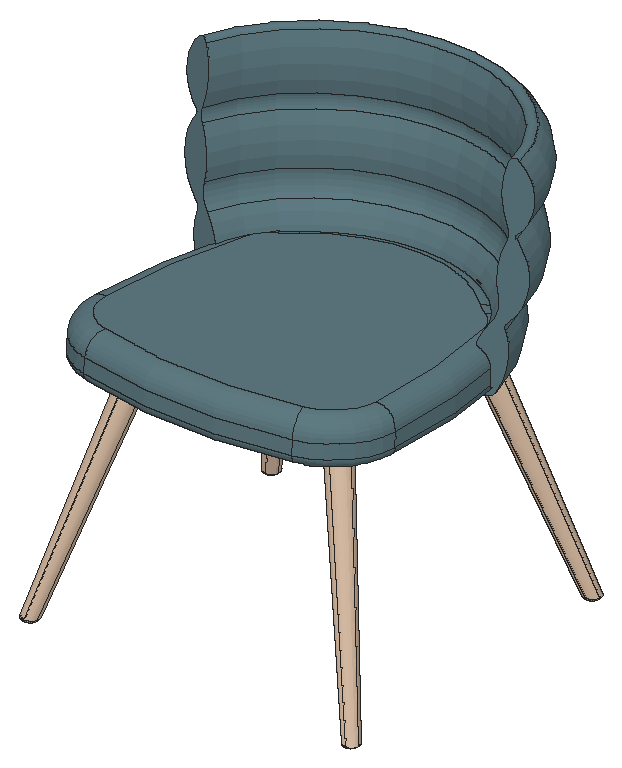
Revit family "FU_Chair_Sandler_MAJA 2-5", category Furniture, Revit 2022
Family settings
  OmniClass Number = 23.21.23.15.17
  Work Plane-Based = Yes
  Always vertical = No
  Cut with Voids When Loaded = No
  Render Appearance Source = Family Geometry
  Shared = No
  Room Calculation Point = No
Parameters (values of type "MAJA 2.5")
  Youtube clip = ""
  Width = 620.000 mm
  Uniformat II Description = "Movable Furnishings"
  Uniformat II Code = ""
  Uniclass 2015 Name = ""
  Uniclass 2015 Code = ""
  Uniclass 2.0 Description = ""
  Uniclass 2.0 Code = ""
  Uniclass 1.4 Description = ""
  Uniclass 1.4 Code = ""
  UNSPSC Code = ""
  Technical description = ""
  Shell Material = Fabric - Mainline Flax - Pimlico MLF34
  Height = 805.000 mm
  Frame Material = Wood - Beech - Timber
  Depth = 650.000 mm
  401D = no
  Region South America = "All"
  Region Oceania = "All"
  Region North America = "All"
  Region Middle East = "All"
  Region Europe = "All"
  Region Asia = "All"
  Region Antarctica = "All"
  Region Africa = "All"
  QR code = "https://www.sandlerseating.com/product/maja-2-5/"
  Product url = "https://www.sandlerseating.com/product/maja-2-5/"
  Product name = "MAJA 2.5"
  Product group = "Chair"
  Product family = "Furniture"
  Product data url = "https://www.sandlerseating.com/product/maja-2-5/"
  Product certification = ""
  Product SKU = "??"
  Product Guid = "??"
  OmniClass Description = ""
  OmniClass Code = "23-21 23 15 17"
  NBS Reference Description = ""
  NBS Reference Code = ""
  Model = "MAJA 2.5"
  Masterformat 2014 Description = "Chair Mats"
  Masterformat 2014 Code = "12 48 43.13"
  Manufacturer name = "Sandler"
  Manufacturer country = "USA"
  Manufacturer = "Sandler"
  401G = no
  Installation instructions = ""
  IFC Classification = "Furnishing Element"
  GTIN code = ""
  Edition number = 1
  Design country = ""
  Description = "Upholstered chair on round solid beechwood legs. Backrest includes synthetic feather padding."
  Default Elevation = 1219.200 mm
  Date of publishing = ""
  COBIe Type Category = ""
  Brand url = "https://www.sandlerseating.com/"
  BIMobject main category code = "furniture"
  BIMobject main category = "Furniture"
  BIMobject category code = "furniture-chair"
  BIMobject category = "Chair"
Reference planes
  plane 1 "Center Front/Back": y = 0
  plane 2: z = 0
  plane 3 "Center Left/Right": x = 0
  plane 4 "Left": x = -310
  plane 5 "Right": x = 310
  plane 6 "back": y = 325
  plane 7 "front": y = -325
  plane 8 "Seat Height": z = 480
  plane 9 "Height": z = 805
  plane 10 "FL RIGHT": through (12192, -278.529, 10.852) normal (0, -0.9647, 0.2634)
  plane 11 "BL RIGHT": through (12192, 249.634, 10.822) normal (0, -0.9647, -0.2635)
  plane 12 "Seat Angle RIGHT": through (12192, 364.353, 373.976) normal (0, -0.0564, -0.9984)
  plane 13 "glide": x = 282.923
Forms (mm)
  SweptBlend 1, solid, material "Wood - Beech - Timber" <- "Frame Material"
    path origin (0, -261.962, 71.528) x (0, -0.263405, -0.964685) y (1, 0, 0)
      loop
        line (84.442, 287.133) -> (-354.562, 169.724)
    profile "Pro_Circles : 26mm" origin (287.133, -284.205, -9.932) x (-0.966048, -0.068054, -0.249239) y (0, -0.964685, 0.263405)
      loop
        arc (-12.967, 0.067) -> (-9.236, -9.141) -> (-0.067, -12.967) r 12.901
        arc (-0.067, -12.967) -> (9.189, -9.189) -> (12.967, 0.067) r 12.901
        arc (12.967, 0.067) -> (9.141, 9.236) -> (-0.067, 12.967) r 12.9
        arc (-0.067, 12.967) -> (-9.188, 9.188) -> (-12.967, 0.067) r 12.9
    end profile "Pro_Circles : 44.5mm" origin (169.724, -168.568, 413.569) x (-0.966048, -0.068054, -0.249239) y (0, -0.964685, 0.263405)
      loop
        arc (-22.217, 0.067) -> (-15.776, -15.682) -> (-0.066, -22.217) r 22.151
        arc (-0.066, -22.217) -> (15.73, -15.73) -> (22.217, 0.067) r 22.151
        arc (22.217, 0.067) -> (15.682, 15.776) -> (-0.067, 22.217) r 22.15
        arc (-0.067, 22.217) -> (-15.729, 15.729) -> (-22.217, 0.067) r 22.15
  SweptBlend 2, solid, material "Wood - Beech - Timber" <- "Frame Material"
    path origin (0, 235.056, 64.198) x (0, 0.263468, -0.964668) y (1, 0, 0)
      loop
        line (76.881, 287.146) -> (-362.167, 169.724)
    profile "Pro_Circles : 26mm" origin (287.146, 255.311, -9.967) x (-0.966047, 0.068071, -0.249237) y (0, -0.964668, -0.263468)
      loop
        arc (-12.967, 0.067) -> (-9.236, -9.141) -> (-0.067, -12.967) r 12.901
        arc (-0.067, -12.967) -> (9.189, -9.189) -> (12.967, 0.067) r 12.901
        arc (12.967, 0.067) -> (9.141, 9.236) -> (-0.067, 12.967) r 12.9
        arc (-0.067, 12.967) -> (-9.188, 9.188) -> (-12.967, 0.067) r 12.9
    end profile "Pro_Circles : 44.5mm" origin (169.724, 139.636, 413.569) x (-0.966047, 0.068071, -0.249237) y (0, -0.964668, -0.263468)
      loop
        arc (-22.217, 0.067) -> (-15.776, -15.682) -> (-0.066, -22.217) r 22.151
        arc (-0.066, -22.217) -> (15.73, -15.73) -> (22.217, 0.067) r 22.151
        arc (22.217, 0.067) -> (15.682, 15.776) -> (-0.067, 22.217) r 22.15
        arc (-0.067, 22.217) -> (-15.729, 15.729) -> (-22.217, 0.067) r 22.15
  SweptBlend 3, solid, material "Wood - Beech - Timber" <- "Frame Material"
    path origin (0, -261.962, 71.528) x (0, -0.263405, -0.964685) y (1, 0, 0)
      loop
        line (84.442, -287.133) -> (-354.562, -169.724)
    profile "Pro_Circles : 26mm" origin (-287.133, -284.205, -9.932) x (-0.966048, 0.068054, 0.249239) y (0, -0.964685, 0.263405)
      loop
        arc (12.967, 0.067) -> (9.188, 9.188) -> (0.067, 12.967) r 12.9
        arc (0.067, 12.967) -> (-9.141, 9.236) -> (-12.967, 0.067) r 12.9
        arc (-12.967, 0.067) -> (-9.189, -9.189) -> (0.067, -12.967) r 12.901
        arc (0.067, -12.967) -> (9.236, -9.141) -> (12.967, 0.067) r 12.901
    end profile "Pro_Circles : 44.5mm" origin (-169.724, -168.568, 413.569) x (-0.966048, 0.068054, 0.249239) y (0, -0.964685, 0.263405)
      loop
        arc (22.217, 0.067) -> (15.729, 15.729) -> (0.067, 22.217) r 22.15
        arc (0.067, 22.217) -> (-15.682, 15.776) -> (-22.217, 0.067) r 22.15
        arc (-22.217, 0.067) -> (-15.73, -15.73) -> (0.066, -22.217) r 22.151
        arc (0.066, -22.217) -> (15.776, -15.682) -> (22.217, 0.067) r 22.151
  SweptBlend 4, solid, material "Wood - Beech - Timber" <- "Frame Material"
    path origin (0, 235.056, 64.198) x (0, 0.263468, -0.964668) y (1, 0, 0)
      loop
        line (76.881, -287.146) -> (-362.167, -169.724)
    profile "Pro_Circles : 26mm" origin (-287.146, 255.311, -9.967) x (-0.966047, -0.068071, 0.249237) y (0, -0.964668, -0.263468)
      loop
        arc (12.967, 0.067) -> (9.188, 9.188) -> (0.067, 12.967) r 12.9
        arc (0.067, 12.967) -> (-9.141, 9.236) -> (-12.967, 0.067) r 12.9
        arc (-12.967, 0.067) -> (-9.189, -9.189) -> (0.067, -12.967) r 12.901
        arc (0.067, -12.967) -> (9.236, -9.141) -> (12.967, 0.067) r 12.901
    end profile "Pro_Circles : 44.5mm" origin (-169.724, 139.636, 413.569) x (-0.966047, -0.068071, 0.249237) y (0, -0.964668, -0.263468)
      loop
        arc (22.217, 0.067) -> (15.729, 15.729) -> (0.067, 22.217) r 22.15
        arc (0.067, 22.217) -> (-15.682, 15.776) -> (-22.217, 0.067) r 22.15
        arc (-22.217, 0.067) -> (-15.73, -15.73) -> (0.066, -22.217) r 22.151
        arc (0.066, -22.217) -> (15.776, -15.682) -> (22.217, 0.067) r 22.151
  Extrusion 5, solid, material "Fabric - Mainline Flax - Pimlico MLF34" <- "Shell Material"
    sketch origin (0, 22.21, 393.297) x (0, 0.998409, -0.056381) y (1, 0, 0)
      loop
        arc (-266.742, -172.432) -> (-240.236, -213.033) -> (-194.582, -229.363) r 76.05
        arc (-194.582, -229.363) -> (-58.095, -223.484) -> (76.61, -200.734) r 1100.135
        arc (76.61, -200.734) -> (94.113, -192.773) -> (107.206, -178.691) r 49.01
        arc (107.206, -178.691) -> (116.322, -165.648) -> (126.898, -153.757) r 136.192
        arc (126.898, -153.757) -> (190.586, 0) -> (126.898, 153.757) r 217.445
        arc (126.898, 153.757) -> (116.322, 165.648) -> (107.206, 178.691) r 136.192
        arc (107.206, 178.691) -> (94.113, 192.773) -> (76.61, 200.734) r 49.01
        arc (76.61, 200.734) -> (-58.095, 223.484) -> (-194.582, 229.363) r 1100.135
        arc (-194.582, 229.363) -> (-240.236, 213.033) -> (-266.742, 172.432) r 76.05
        arc (-266.742, 172.432) -> (-288.754, 0) -> (-266.742, -172.432) r 686.386
    from -75 to 0
  Sweep 6, solid, material "Fabric - Mainline Flax - Pimlico MLF34" <- "Shell Material"
    path in 3D
      loop
        arc (-200.734, 102.927, 463.858) -> (-192.773, 120.401, 462.871) -> (-178.691, 133.474, 462.133) r 49.01
        arc (-178.691, 133.474, 462.133) -> (-165.648, 142.576, 461.619) -> (-153.757, 153.135, 461.023) r 136.192
        arc (-153.757, 153.135, 461.023) -> (0, 216.722, 457.432) -> (153.757, 153.135, 461.023) r 217.445
        arc (153.757, 153.135, 461.023) -> (165.648, 142.576, 461.619) -> (178.691, 133.474, 462.133) r 136.192
        arc (178.691, 133.474, 462.133) -> (192.773, 120.401, 462.871) -> (200.734, 102.927, 463.858) r 49.01
        arc (200.734, 102.927, 463.858) -> (223.484, -31.565, 471.453) -> (229.363, -167.834, 479.148) r 1100.135
        arc (229.363, -167.834, 479.148) -> (213.033, -213.415, 481.722) -> (172.432, -239.88, 483.217) r 76.05
        arc (172.432, -239.88, 483.217) -> (0, -261.857, 484.458) -> (-172.432, -239.88, 483.217) r 686.386
        arc (-172.432, -239.88, 483.217) -> (-213.033, -213.415, 481.722) -> (-229.363, -167.834, 479.148) r 76.05
        arc (-229.363, -167.834, 479.148) -> (-223.484, -31.565, 471.453) -> (-200.734, 102.927, 463.858) r 1100.135
    profile "Pro_Maja_SeatEdge : Pro_Maja_SeatEdge" origin (-223.484, -31.565, 471.453) x (-0.994474, 0.104818, -0.005919) y (0, 0.056381, 0.998409)
      loop
        line (0, -75) -> (29, -75)
        arc (29, -75) -> (39.607, -70.607) -> (44, -60) r 15
        line (44, -60) -> (44, -35)
        arc (44, -35) -> (33.749, -10.251) -> (9, 0) r 35
        line (9, 0) -> (0, 0) -> (0, -75)
  Sweep 7, solid, material "Fabric - Mainline Flax - Pimlico MLF34" <- "Shell Material"
    path origin (0, 22.21, 393.297) x (0, 0.998409, -0.056381) y (1, 0, 0)
      loop
        arc (41.172, -250.59) -> (235.476, 0) -> (41.172, 250.59) r 258.743
    profile "Pro_Maja_BackEdge : Pro_Maja_BackEdge" origin (0, 257.311, 380.02) x (0, -0.998409, 0.056381) y (0, -0.056381, -0.998409)
      loop
        arc (-32.77, -256.281) -> (-58.296, -312.844) -> (-32.845, -369.442) r 75.545
        arc (-32.845, -369.442) -> (-23.755, -371.649) -> (-16.817, -365.374) r 10
        arc (-16.817, -365.374) -> (-8.427, -314.775) -> (-18.855, -264.556) r 139.77
        arc (-18.855, -264.556) -> (-20.933, -252.883) -> (-18.001, -241.394) r 28.035
        arc (-18.001, -241.394) -> (-5.549, -198.53) -> (-9.021, -154.028) r 124.47
        arc (-9.021, -154.028) -> (-9.295, -132.145) -> (0.787, -112.721) r 45
        arc (0.787, -112.721) -> (23.882, -63.085) -> (16.122, -8.893) r 96.09
        arc (16.122, -8.893) -> (3.59, -0.201) -> (-10.074, -6.974) r 15
        arc (-10.074, -6.974) -> (-27.55, -55.608) -> (-21.375, -106.916) r 112.204
        arc (-21.375, -106.916) -> (-21.052, -112.757) -> (-24.051, -117.779) r 10
        arc (-24.051, -117.779) -> (-54.911, -181.851) -> (-32.289, -249.274) r 94.381
        arc (-32.289, -249.274) -> (-31.092, -252.876) -> (-32.77, -256.281) r 5
  Extrusion 8, void
    sketch origin (0, 0, 0) x (0, 1, 0) y (0, 0, 1)
      loop
        line (-325, 5) -> (-325, -15) -> (325, -15) -> (325, 5) -> (-325, 5)
    from -310 to 310
  Revolve 9, solid
    sketch origin (282.923, 0.156, 0) x (0, 0, 1) y (0, -1, 0)
      loop
        line (0, 280.195) -> (10, 280.195)
        spline (10, 280.195) -> (9.83, 283.723) -> (9.33, 287.009) -> (8.536, 289.832) -> (7.5, 291.998) -> (6.294, 293.359) -> (5, 293.824) -> (3.706, 293.359) -> (2.5, 291.998) -> (1.464, 289.832) -> (0.67, 287.009) -> (0.17, 283.723) -> (0, 280.195)
      axis (10, 280.195) -> (0, 280.195)
    angle from 0 to 360
  Revolve 10, solid
    sketch origin (-282.923, 0.156, 0) x (0, 0, 1) y (0, 1, 0)
      loop
        spline (0, -280.195) -> (0.17, -283.723) -> (0.67, -287.009) -> (1.464, -289.832) -> (2.5, -291.998) -> (3.706, -293.359) -> (5, -293.824) -> (6.294, -293.359) -> (7.5, -291.998) -> (8.536, -289.832) -> (9.33, -287.009) -> (9.83, -283.723) -> (10, -280.195)
        line (10, -280.195) -> (0, -280.195)
      axis (10, -280.195) -> (0, -280.195)
    angle from 0 to 360
  Revolve 11, solid
    sketch origin (282.923, -28.906, 0) x (0, 0, 1) y (0, -1, 0)
      loop
        spline (0, -280.195) -> (0.17, -283.723) -> (0.67, -287.009) -> (1.464, -289.832) -> (2.5, -291.998) -> (3.706, -293.359) -> (5, -293.824) -> (6.294, -293.359) -> (7.5, -291.998) -> (8.536, -289.832) -> (9.33, -287.009) -> (9.83, -283.723) -> (10, -280.195)
        line (10, -280.195) -> (0, -280.195)
      axis (10, -280.195) -> (0, -280.195)
    angle from 0 to 360
  Revolve 12, solid
    sketch origin (-282.923, -28.906, 0) x (0, 0, 1) y (0, 1, 0)
      loop
        line (0, 280.195) -> (10, 280.195)
        spline (10, 280.195) -> (9.83, 283.723) -> (9.33, 287.009) -> (8.536, 289.832) -> (7.5, 291.998) -> (6.294, 293.359) -> (5, 293.824) -> (3.706, 293.359) -> (2.5, 291.998) -> (1.464, 289.832) -> (0.67, 287.009) -> (0.17, 283.723) -> (0, 280.195)
      axis (10, 280.195) -> (0, 280.195)
    angle from 0 to 360
Cuts and joins
  joined: Extrusion 5, Sweep 6
  Extrusion 8 cuts SweptBlend 3
  Extrusion 8 cuts SweptBlend 4
  Extrusion 8 cuts SweptBlend 1
  Extrusion 8 cuts SweptBlend 2
Lines and regions (mm)
  sketch lines
    curve 1: arc (-229.363, -167.834, 479.148) -> (-223.484, -31.565, 471.453) -> (-200.734, 102.927, 463.858) r 1100.135
    curve 2: arc (-172.432, -239.88, 483.217) -> (-213.033, -213.415, 481.722) -> (-229.363, -167.834, 479.148) r 76.05
    curve 3: arc (172.432, -239.88, 483.217) -> (0, -261.857, 484.458) -> (-172.432, -239.88, 483.217) r 686.386
    curve 4: arc (229.363, -167.834, 479.148) -> (213.033, -213.415, 481.722) -> (172.432, -239.88, 483.217) r 76.05
    curve 5: arc (200.734, 102.927, 463.858) -> (223.484, -31.565, 471.453) -> (229.363, -167.834, 479.148) r 1100.135
    curve 6: arc (178.691, 133.474, 462.133) -> (192.773, 120.401, 462.871) -> (200.734, 102.927, 463.858) r 49.01
    curve 7: arc (153.757, 153.135, 461.023) -> (165.648, 142.576, 461.619) -> (178.691, 133.474, 462.133) r 136.192
    curve 8: arc (-153.757, 153.135, 461.023) -> (0, 216.722, 457.432) -> (153.757, 153.135, 461.023) r 217.445
    curve 9: arc (-178.691, 133.474, 462.133) -> (-165.648, 142.576, 461.619) -> (-153.757, 153.135, 461.023) r 136.192
    curve 10: arc (-200.734, 102.927, 463.858) -> (-192.773, 120.401, 462.871) -> (-178.691, 133.474, 462.133) r 49.01
Dimensions and locks
  equal spacing: plane 4 "Left", plane 3 "Center Left/Right", plane 5 "Right"
  "Width": plane 4 "Left" to plane 5 "Right"
  equal spacing: plane 6 "back", plane 1 "Center Front/Back", plane 7 "front"
  "Depth": plane 6 "back" to plane 7 "front"
  "Height": plane 9 "Height" to level
  aligned and locked: level to plane 2
Automatic sketch dimensions
  plane 13 "glide" to SweptBlend 1 sketch curve = 4.210 mm
  SweptBlend 1 sketch curve to plane 13 "glide" = 113.199 mm
  SweptBlend 1 sketch curve to SweptBlend 1 sketch curve = 439.004 mm
  plane 13 "glide" to SweptBlend 2 sketch curve = 4.223 mm
  SweptBlend 2 sketch curve to plane 13 "glide" = 113.199 mm
  SweptBlend 2 sketch curve to SweptBlend 2 sketch curve = 439.048 mm
  SweptBlend 3 sketch curve to plane 4 "Left" = 140.276 mm
  SweptBlend 3 sketch curve to plane 4 "Left" = 22.867 mm
  SweptBlend 3 sketch curve to SweptBlend 3 sketch curve = 439.004 mm
  SweptBlend 4 sketch curve to plane 4 "Left" = 140.276 mm
  SweptBlend 4 sketch curve to plane 4 "Left" = 22.854 mm
  SweptBlend 4 sketch curve to SweptBlend 4 sketch curve = 439.048 mm
  Extrusion 5 sketch curve to plane 3 "Center Left/Right" = 0.000 mm  (x2)
  Extrusion 5 sketch curve to plane 13 "glide" = 129.595 mm
  Extrusion 5 sketch curve to plane 3 "Center Left/Right" = 153.327 mm
  Extrusion 5 sketch curve to Extrusion 5 sketch curve = 0.000 mm  (x9)
  Extrusion 5 sketch curve to Extrusion 5 sketch curve = 19.537 mm  (x2)
  Extrusion 5 sketch curve to Extrusion 5 sketch curve = 166.272 mm
  Extrusion 5 sketch curve to Extrusion 5 sketch curve = 92.322 mm  (x2)
  Extrusion 5 sketch curve to plane 4 "Left" = 59.941 mm
  Extrusion 5 sketch curve to Extrusion 5 sketch curve = 157.737 mm  (x2)
  Extrusion 5 sketch curve to plane 13 "glide" = 32.863 mm
  Extrusion 5 sketch curve to Extrusion 5 sketch curve = 174.432 mm
  plane 4 "Left" to Extrusion 5 sketch curve = 560.572 mm
  Extrusion 5 sketch curve to plane 3 "Center Left/Right" = 153.008 mm
  Extrusion 5 sketch curve to plane 13 "glide" = 129.914 mm
  Extrusion 5 sketch curve to plane 5 "Right" = 560.572 mm
  Extrusion 5 sketch curve to plane 13 "glide" = 53.559 mm
  Extrusion 5 sketch curve to Extrusion 5 sketch curve = 1.451 mm
  Sweep 7 sketch curve to plane 3 "Center Left/Right" = 0.000 mm
  Sweep 7 sketch curve to plane 13 "glide" = 32.333 mm
  Sweep 7 sketch curve to Sweep 7 sketch curve = 64.439 mm
  Sweep 7 sketch curve to plane 4 "Left" = 59.410 mm
  Extrusion 8 sketch curve to plane 7 "front" = 0.000 mm
  Extrusion 8 sketch curve to plane 6 "back" = 0.000 mm
  Extrusion 8 sketch curve to level = 15.000 mm
  level to Extrusion 8 sketch curve = 5.000 mm
  Revolve 9 sketch curve to level = 0.000 mm
  Revolve 9 sketch curve to Revolve 9 sketch curve = 10.000 mm
  plane 7 "front" to Revolve 9 sketch curve = 44.961 mm
  Revolve 9 sketch curve to level = 10.000 mm
  Revolve 9 sketch curve to Revolve 9 sketch curve = 0.000 mm  (x2)
  Revolve 9 sketch curve to Revolve 9 sketch curve = 13.625 mm
  Revolve 9 sketch curve to Revolve 9 sketch curve = 0.002 mm
  Revolve 10 sketch curve to level = 0.000 mm
  Revolve 10 sketch curve to Revolve 10 sketch curve = 10.000 mm
  plane 7 "front" to Revolve 10 sketch curve = 44.961 mm
  Revolve 10 sketch curve to level = 10.000 mm
  Revolve 10 sketch curve to Revolve 10 sketch curve = 0.000 mm  (x2)
  Revolve 10 sketch curve to Revolve 10 sketch curve = 0.002 mm
  Revolve 10 sketch curve to Revolve 10 sketch curve = 13.626 mm
  Revolve 11 sketch curve to level = 0.000 mm
  Revolve 11 sketch curve to Revolve 11 sketch curve = 10.000 mm
  Revolve 11 sketch curve to plane 6 "back" = 73.711 mm
  Revolve 11 sketch curve to level = 10.000 mm
  Revolve 11 sketch curve to Revolve 11 sketch curve = 0.000 mm  (x2)
  Revolve 11 sketch curve to Revolve 11 sketch curve = 0.002 mm
  Revolve 11 sketch curve to Revolve 11 sketch curve = 13.626 mm
  Revolve 12 sketch curve to level = 0.000 mm
  Revolve 12 sketch curve to Revolve 12 sketch curve = 10.000 mm
  Revolve 12 sketch curve to plane 6 "back" = 73.711 mm
  Revolve 12 sketch curve to level = 10.000 mm
  Revolve 12 sketch curve to Revolve 12 sketch curve = 0.000 mm  (x2)
  Revolve 12 sketch curve to Revolve 12 sketch curve = 13.625 mm
  Revolve 12 sketch curve to Revolve 12 sketch curve = 0.002 mm
